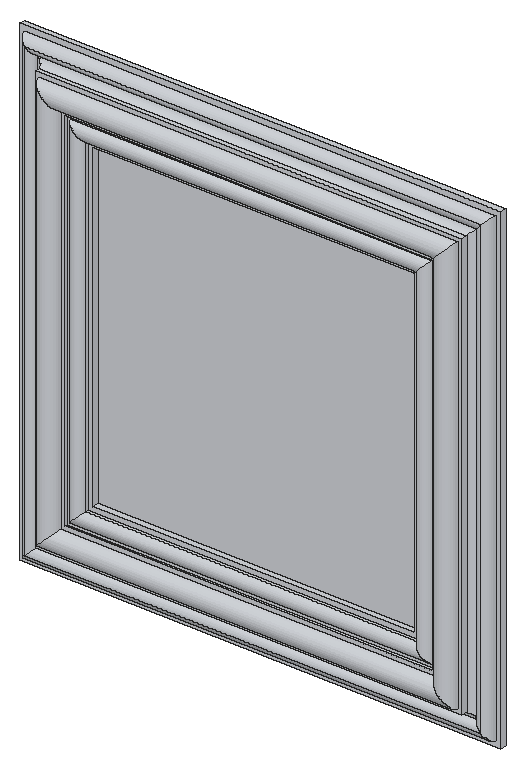
Revit family "OracDecor_W121", category Обобщенные модели, Revit 2019
Family settings
  Может служить основой для арматурных стержней = Нет
  Размер круглого соединителя = Использовать диаметр
  Тип детали = Нормальный
  На основе рабочей плоскости = Нет
  Всегда вертикально = Да
  При загрузке вырезать с полостями = Нет
  Общий = Нет
  Точка расчета площади = Нет
Parameters
  Изготовитель = "Family from POCHERTEAM"  # constant formula
  URL = "t.me/pocherteam"
Reference planes
  plane 1 "По центру (Вперед/Назад)": y = 0
  plane 2: z = 0
  plane 3 "По центру (Влево/Вправо)": x = 0
Forms (mm)
  Extrusion 1, solid
    sketch origin (0, 0, 0) x (1, 0, 0) y (0, 0, 1)
      loop
        line (82.481, 82.481) -> (417.519, 82.481) -> (417.519, 417.519) -> (82.481, 417.519) -> (82.481, 82.481)
    from 0 to 7.968
  Sweep 2, solid
    path origin (0, 0, 0) x (1, 0, 0) y (0, 0, 1)
      loop
        line (0, 0) -> (500, 0) -> (500, 500) -> (0, 500) -> (0, 0)
    profile origin (0, 0, 250) x (-1, 0, 0) y (0, -1, 0)
      loop
        line (0, 0) -> (0, 6) -> (-5.5, 6)
        arc (-5.5, 6) -> (-7.527, 12.194) -> (-13, 15.733) r 9.765
        arc (-13, 15.733) -> (-18.101, 14.242) -> (-20.5, 9.5) r 6.682
        arc (-20.5, 9.5) -> (-25.193, 11.548) -> (-28.144, 15.733) r 9.511
        line (-28.144, 15.733) -> (-28.144, 21.058) -> (-32.446, 21.058)
        arc (-32.446, 21.058) -> (-43.433, 32.044) -> (-54.419, 21.058) r 10.986
        line (-54.419, 21.058) -> (-58.439, 21.058) -> (-58.439, 17.744) -> (-62.255, 17.744)
        arc (-62.255, 17.744) -> (-69.868, 23.909) -> (-77.481, 17.744) r 7.783
        line (-77.481, 17.744) -> (-77.481, 15) -> (-82.481, 15) -> (-82.481, 0) -> (0, 0)
Cuts and joins
  joined: Extrusion 1, Sweep 2
Dimensions and locks
  cut or joined group of Extrusion 1, Sweep 2 to level = 500 mm
  cut or joined group of Extrusion 1, Sweep 2 to plane 3 "По центру (Влево/Вправо)" = 500 mm
  cut or joined group of Extrusion 1, Sweep 2 to plane 1 "По центру (Вперед/Назад)" = 32.044 mm
  aligned and locked: level to plane 2
